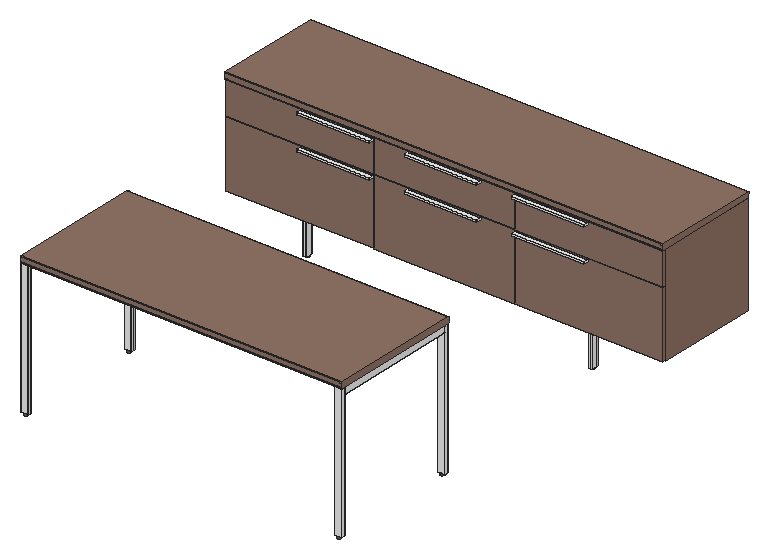
Revit family "FLV013", category Furniture, Revit 2015
Parameters
  Series = "Flux Veneer"
  Manufacturer = "JSI"
  Description = "FLV013"
Reference planes (in)
  plane 1 "Center Front/Back": y = 0
  plane 2: z = 0
  plane 3 "Center Left/Right": x = 0
Dimensions and locks (in)
  aligned and locked: level to plane 2
Nested families (in)
  nested 1: "JSI-Flux-Table_Desk" at (35.93587, -19.75, 0) x (-1, 0, 0) z (0, 0, 1), type "FLV2866TD,Veneer 66x27.5 Table Desk"
    with Modesty Panel no, Width 5' - 6", Depth 2' - 3 1/2"
  nested 2: "JSI-Flux- File_Strg_Crednz_Flsh_Leg" at (30.06413, 48.25, 0), type "FLV2290-29S666, Lt File Crdnz, Int Lg, Veneer"
    with Width 7' - 6", Top Doors yes, R_Shocket Dist 7' - 7", R_Pull Dist 4' - 11.61979", R_Pull yes, R1_Partition yes, Leg Width 4' - 11.85417", L_Socket Dist 7' - 7", Shelf Width 2' - 4.95833", Shelf Array Dist 0' - 0", Partition Dist 2' - 4.95833", L_Pull Dist 2' - 6.38021", L_Pull yes, L2_Partition yes, Glide yes, L909 no, L666 yes, L0 no, Ext_Shelf Width 2' - 5.70833", Door Width 2' - 6.33333", Door Height 1' - 1 9/16", Door Array Dist 4' - 11.41667", Door yes, C_Pull Dist 3' - 9", C_Pull yes, C_Doors yes, # of Shelf 2
Definition of nested family "JSI-Flux-Table_Desk"
  Parameters (values of type "Table Desk - Type Catalog Family")
    Worksurface = none
    Width = 6' - 0"
    URL = "www.jsifurniture.com"
    Type Comments = ""
    Series = "FLUX"  # constant formula
    Modesty Panel [instance] = yes
    Legs = none
    Model = "FLT3472TD"
    Material = ""
    Manufacturer = "JSI"  # constant formula
    Keynote = "12500"
    JSI Enviromental Website = "http://www.jsifurniture.com/jsi_sustainability_intro.php"
    Height = 2' - 5"
    Glides = none
    Support = none
    Description = "Table Desk, Depth 33.5”, Width 72”, Height 29”, Laminate"
    Depth = 2' - 9 1/2"
    Panel = none
    Assembly Code = "E2020200"
  Reference planes (in)
    plane 1: z = 0
    plane 2 "Center (Left/Right)": x = -36.06413
    plane 3: z = 29
    plane 4: z = 27.8125
    plane 5 "Center (Front/Back)": y = 10.75
    plane 6: z = 0.3125
    plane 7: x = -0.06413
    plane 8: x = 35.93587
    plane 9: y = -6
    plane 10: y = -22.75
  Forms (in)
    Sweep 1, solid, material <- "Worksurface"
      path origin (0, 0, 0) x (1, 0, 0) y (0, 1, 0)
        loop
          line (-36.06413, -6) -> (35.93587, -6)
      profile origin (-0.06413, -6, 0) x (0, 1, 0) y (0, 0, 1)
        loop
          line (16.625, 29) -> (-16.625, 29)
          arc (-16.625, 29) -> (-16.71339, 28.96339) -> (-16.75, 28.875) r 0.125
          line (-16.75, 28.875) -> (-16.75, 27.9375)
          arc (-16.75, 27.9375) -> (-16.71339, 27.84911) -> (-16.625, 27.8125) r 0.125
          line (-16.625, 27.8125) -> (16.625, 27.8125)
          arc (16.625, 27.8125) -> (16.71339, 27.84911) -> (16.75, 27.9375) r 0.125
          line (16.75, 27.9375) -> (16.75, 28.875)
          arc (16.75, 28.875) -> (16.71339, 28.96339) -> (16.625, 29) r 0.125
    Sweep 2, solid, material <- "Legs"
      path origin (0, 0, 0) x (1, 0, 0) y (0, 0, 1)
        loop
          line (-35.2498, 0.3125) -> (-35.2498, 27.8125)
      profile origin (-35.2498, 0, 14.0625) x (-1, 0, 0) y (0, -1, 0)
        loop
          line (-0.74817, -9.9375) -> (-0.74817, -10.5625)
          arc (-0.74817, -10.5625) -> (-0.72986, -10.60669) -> (-0.68567, -10.625) r 0.0625
          line (-0.68567, -10.625) -> (0.68933, -10.625)
          arc (0.68933, -10.625) -> (0.73353, -10.60669) -> (0.75183, -10.5625) r 0.0625
          line (0.75183, -10.5625) -> (0.75183, -9.9375)
          arc (0.75183, -9.9375) -> (0.73353, -9.89331) -> (0.68933, -9.875) r 0.0625
          line (0.68933, -9.875) -> (-0.68567, -9.875)
          arc (-0.68567, -9.875) -> (-0.72986, -9.89331) -> (-0.74817, -9.9375) r 0.0625
        loop
          line (-0.68567, 21.875) -> (0.68933, 21.875)
          arc (0.68933, 21.875) -> (0.73353, 21.89331) -> (0.75183, 21.9375) r 0.0625
          line (0.75183, 21.9375) -> (0.75183, 22.5625)
          arc (0.75183, 22.5625) -> (0.73353, 22.60669) -> (0.68933, 22.625) r 0.0625
          line (0.68933, 22.625) -> (-0.68567, 22.625)
          arc (-0.68567, 22.625) -> (-0.72986, 22.60669) -> (-0.74817, 22.5625) r 0.0625
          line (-0.74817, 22.5625) -> (-0.74817, 21.9375)
          arc (-0.74817, 21.9375) -> (-0.72986, 21.89331) -> (-0.68567, 21.875) r 0.0625
        loop
          line (-69.68567, -9.875) -> (-71.06067, -9.875)
          arc (-71.06067, -9.875) -> (-71.10486, -9.89331) -> (-71.12317, -9.9375) r 0.0625
          line (-71.12317, -9.9375) -> (-71.12317, -10.5625)
          arc (-71.12317, -10.5625) -> (-71.10486, -10.60669) -> (-71.06067, -10.625) r 0.0625
          line (-71.06067, -10.625) -> (-69.68567, -10.625)
          arc (-69.68567, -10.625) -> (-69.64147, -10.60669) -> (-69.62317, -10.5625) r 0.0625
          line (-69.62317, -10.5625) -> (-69.62317, -9.9375)
          arc (-69.62317, -9.9375) -> (-69.64147, -9.89331) -> (-69.68567, -9.875) r 0.0625
        loop
          line (-71.06067, 21.875) -> (-69.68567, 21.875)
          arc (-69.68567, 21.875) -> (-69.64147, 21.89331) -> (-69.62317, 21.9375) r 0.0625
          line (-69.62317, 21.9375) -> (-69.62317, 22.5625)
          arc (-69.62317, 22.5625) -> (-69.64147, 22.60669) -> (-69.68567, 22.625) r 0.0625
          line (-69.68567, 22.625) -> (-71.06067, 22.625)
          arc (-71.06067, 22.625) -> (-71.10486, 22.60669) -> (-71.12317, 22.5625) r 0.0625
          line (-71.12317, 22.5625) -> (-71.12317, 21.9375)
          arc (-71.12317, 21.9375) -> (-71.10486, 21.89331) -> (-71.06067, 21.875) r 0.0625
    Sweep 3, solid, material <- "Legs"
      path origin (0, 0, 0) x (1, 0, 0) y (0, 1, 0)
        loop
          line (-35.6724, 9.875) -> (-35.6724, -21.875)
      profile origin (-35.6724, -6, 0) x (1, 0, 0) y (0, 0, 1)
        loop
          line (0.42076, 26.375) -> (0.42076, 27.75)
          arc (0.42076, 27.75) -> (0.40246, 27.79419) -> (0.35826, 27.8125) r 0.0625
          line (0.35826, 27.8125) -> (-0.26674, 27.8125)
          arc (-0.26674, 27.8125) -> (-0.31093, 27.79419) -> (-0.32924, 27.75) r 0.0625
          line (-0.32924, 27.75) -> (-0.32924, 26.375)
          arc (-0.32924, 26.375) -> (-0.31093, 26.33081) -> (-0.26674, 26.3125) r 0.0625
          line (-0.26674, 26.3125) -> (0.35826, 26.3125)
          arc (0.35826, 26.3125) -> (0.40246, 26.33081) -> (0.42076, 26.375) r 0.0625
        loop
          line (70.85826, 26.3125) -> (71.48326, 26.3125)
          arc (71.48326, 26.3125) -> (71.52746, 26.33081) -> (71.54576, 26.375) r 0.0625
          line (71.54576, 26.375) -> (71.54576, 27.75)
          arc (71.54576, 27.75) -> (71.52746, 27.79419) -> (71.48326, 27.8125) r 0.0625
          line (71.48326, 27.8125) -> (70.85826, 27.8125)
          arc (70.85826, 27.8125) -> (70.81407, 27.79419) -> (70.79576, 27.75) r 0.0625
          line (70.79576, 27.75) -> (70.79576, 26.375)
          arc (70.79576, 26.375) -> (70.81407, 26.33081) -> (70.85826, 26.3125) r 0.0625
    Sweep 4, solid, material <- "Glides"
      path origin (0, 0, 0) x (1, 0, 0) y (0, 0, 1)
        loop
          line (-35.25553, 0) -> (-35.25553, 0.3125)
      profile origin (-35.25553, 0, 0.15625) x (-1, 0, 0) y (0, -1, 0)
        loop
          circle (-0.00339, -10.26193) r 0.42257
        loop
          circle (0.00881, 22.27152) r 0.46312
        loop
          circle (-70.37941, -10.26193) r 0.42257
        loop
          circle (-70.3916, 22.27152) r 0.46312
  Lines and regions (in)
    symbolic lines
      curve 1: line (35.93587, 10.75, 0) -> (-36.06413, 10.75, 0)
      curve 2: line (-36.06413, 10.75, 0) -> (-36.06413, -22.75, 0)
      curve 3: line (35.93587, 10.75, 0) -> (35.93587, -22.75, 0)
      curve 4: line (-36.06413, -22.75, 0) -> (35.93587, -22.75, 0)
    symbolic lines, detail levels fine
      curve 5: line (-35.93913, 9.875, 0) -> (-34.56413, 9.875, 0)
      curve 6: arc (-34.56413, 9.875, 0) -> (-34.51994, 9.89331, 0) -> (-34.50163, 9.9375, 0) r 0.0625
      curve 7: line (-34.50163, 9.9375, 0) -> (-34.50163, 10.5625, 0)
      curve 8: arc (-34.50163, 10.5625, 0) -> (-34.51994, 10.60669, 0) -> (-34.56413, 10.625, 0) r 0.0625
      curve 9: line (-34.56413, 10.625, 0) -> (-35.93913, 10.625, 0)
      curve 10: arc (-35.93913, 10.625, 0) -> (-35.98333, 10.60669, 0) -> (-36.00163, 10.5625, 0) r 0.0625
      curve 11: line (-36.00163, 10.5625, 0) -> (-36.00163, 9.9375, 0)
      curve 12: arc (-36.00163, 9.9375, 0) -> (-35.98333, 9.89331, 0) -> (-35.93913, 9.875, 0) r 0.0625
      curve 13: line (-34.56413, -21.875, 0) -> (-35.93913, -21.875, 0)
      curve 14: arc (-35.93913, -21.875, 0) -> (-35.98333, -21.89331, 0) -> (-36.00163, -21.9375, 0) r 0.0625
      curve 15: line (-36.00163, -21.9375, 0) -> (-36.00163, -22.5625, 0)
      curve 16: arc (-36.00163, -22.5625, 0) -> (-35.98333, -22.60669, 0) -> (-35.93913, -22.625, 0) r 0.0625
      curve 17: line (-35.93913, -22.625, 0) -> (-34.56413, -22.625, 0)
      curve 18: arc (-34.56413, -22.625, 0) -> (-34.51994, -22.60669, 0) -> (-34.50163, -22.5625, 0) r 0.0625
      curve 19: line (-34.50163, -22.5625, 0) -> (-34.50163, -21.9375, 0)
      curve 20: arc (-34.50163, -21.9375, 0) -> (-34.51994, -21.89331, 0) -> (-34.56413, -21.875, 0) r 0.0625
      curve 21: line (35.81087, -21.875, 0) -> (34.43587, -21.875, 0)
      curve 22: arc (34.43587, -21.875, 0) -> (34.39167, -21.89331, 0) -> (34.37337, -21.9375, 0) r 0.0625
      curve 23: line (34.37337, -21.9375, 0) -> (34.37337, -22.5625, 0)
      curve 24: arc (34.37337, -22.5625, 0) -> (34.39167, -22.60669, 0) -> (34.43587, -22.625, 0) r 0.0625
      curve 25: line (34.43587, -22.625, 0) -> (35.81087, -22.625, 0)
      curve 26: arc (35.81087, -22.625, 0) -> (35.85506, -22.60669, 0) -> (35.87337, -22.5625, 0) r 0.0625
      curve 27: line (35.87337, -22.5625, 0) -> (35.87337, -21.9375, 0)
      curve 28: arc (35.87337, -21.9375, 0) -> (35.85506, -21.89331, 0) -> (35.81087, -21.875, 0) r 0.0625
      curve 29: line (34.43587, 9.875, 0) -> (35.81087, 9.875, 0)
      curve 30: arc (35.81087, 9.875, 0) -> (35.85506, 9.89331, 0) -> (35.87337, 9.9375, 0) r 0.0625
      curve 31: line (35.87337, 9.9375, 0) -> (35.87337, 10.5625, 0)
      curve 32: arc (35.87337, 10.5625, 0) -> (35.85506, 10.60669, 0) -> (35.81087, 10.625, 0) r 0.0625
      curve 33: line (35.81087, 10.625, 0) -> (34.43587, 10.625, 0)
      curve 34: arc (34.43587, 10.625, 0) -> (34.39167, 10.60669, 0) -> (34.37337, 10.5625, 0) r 0.0625
      curve 35: line (34.37337, 10.5625, 0) -> (34.37337, 9.9375, 0)
      curve 36: arc (34.37337, 9.9375, 0) -> (34.39167, 9.89331, 0) -> (34.43587, 9.875, 0) r 0.0625
      curve 37: arc (35.54645, 10.26193, 0) -> (35.12388, 10.6845, 0) -> (34.7013, 10.26193, 0) r 0.42257
      curve 38: arc (34.7013, 10.26193, 0) -> (35.12388, 9.83936, 0) -> (35.54645, 10.26193, 0) r 0.42257
      curve 39: arc (35.59919, -22.27152, 0) -> (35.13607, -21.8084, 0) -> (34.67295, -22.27152, 0) r 0.46312
      curve 40: arc (34.67295, -22.27152, 0) -> (35.13607, -22.73464, 0) -> (35.59919, -22.27152, 0) r 0.46312
      curve 41: arc (-34.80122, -22.27152, 0) -> (-35.26434, -21.8084, 0) -> (-35.72746, -22.27152, 0) r 0.46312
      curve 42: arc (-35.72746, -22.27152, 0) -> (-35.26434, -22.73464, 0) -> (-34.80122, -22.27152, 0) r 0.46312
      curve 43: arc (-34.82957, 10.26193, 0) -> (-35.25214, 10.6845, 0) -> (-35.67472, 10.26193, 0) r 0.42257
      curve 44: arc (-35.67472, 10.26193, 0) -> (-35.25214, 9.83936, 0) -> (-34.82957, 10.26193, 0) r 0.42257
      curve 45: line (-35.25163, 9.875, 0) -> (-35.25163, -21.875, 0)
      curve 46: line (-36.00163, -21.9375, 0) -> (-36.00163, 9.9375, 0)
      curve 47: line (35.12337, -21.875, 0) -> (35.12337, 9.875, 0)
      curve 48: line (35.87337, 9.9375, 0) -> (35.87337, -21.9375, 0)
  Dimensions and locks (in)
    "Height": plane 3 to level
    locked: plane 3 to plane 4 at 1.1875
    equal spacing: plane 2 "Center (Left/Right)", plane 7, plane 8
    "Width": plane 2 "Center (Left/Right)" to plane 8
    equal spacing: plane 10, plane 9, plane 5 "Center (Front/Back)"
    "Depth": plane 10 to plane 5 "Center (Front/Back)"
    Sweep 2 sketch curve to Sweep 2 sketch curve to plane 8 = 0' - 1 1/2" locked, 0' - 0 1/16" locked  (x2)
    Sweep 2 sketch curve to Sweep 2 sketch curve to plane 10 = 0' - 0 3/4" locked, 0' - 0 1/8" locked  (x2)
    locked: Sweep 3 sketch curve to plane 10 at 0.875
    locked: Sweep 3 sketch curve to plane 5 "Center (Front/Back)" at 0.875
    plane 8 to Sweep 3 sketch curve to Sweep 3 sketch curve = 0' - 0 1/16" locked, 0' - 0 3/4" locked
    locked: Sweep 4 sketch curve to plane 10 at 0.47848  (x2)
    locked: Sweep 4 sketch curve to plane 8 at 0.79979
    locked: Sweep 4 sketch curve to plane 8 at 0.81199
    aligned and locked: level to plane 1
    aligned and locked: plane 8 to Sweep 1 sketch curve
    aligned and locked: plane 2 "Center (Left/Right)" to Sweep 1 sketch curve
    aligned and locked: plane 3 to Sweep 1 sketch curve
    aligned and locked: plane 5 "Center (Front/Back)" to Sweep 1 sketch curve
    aligned and locked: plane 10 to Sweep 1 sketch curve
    aligned and locked: plane 4 to Sweep 1 sketch curve
    aligned and locked: plane 4 to Sweep 2 sketch curve
    aligned and locked: plane 6 to Sweep 2 sketch curve
    aligned and locked: plane 7 to nested 1
    aligned and locked: plane 5 "Center (Front/Back)" to nested 1
  Automatic sketch dimensions
    Sweep 1 sketch curve to plane 9 = 0' - 0"
    plane 2 "Center (Left/Right)" to Sweep 2 sketch curve = 0' - 0.81433"
    Sweep 2 sketch curve to Sweep 2 sketch curve = 0' - 0 1/16"  (x14)
    profile plane to Sweep 2 sketch curve = 0' - 0.74817"  (x2)
    Sweep 2 sketch curve to profile plane = 0' - 0.68933"  (x2)
    Sweep 2 sketch curve to Sweep 2 sketch curve = 0' - 0"  (x2)
    Sweep 2 sketch curve to profile plane = 0' - 9 7/8"  (x2)
    Sweep 2 sketch curve to Sweep 2 sketch curve = 0' - 0 5/8"  (x2)
    plane 2 "Center (Left/Right)" to Sweep 3 sketch curve = 0' - 0.39174"
    Sweep 3 sketch curve to profile plane = 0' - 0.42076"
    Sweep 3 sketch curve to Sweep 3 sketch curve = 0' - 0 1/16"  (x7)
    profile plane to Sweep 3 sketch curve = 0' - 0.26674"  (x2)
    level to Sweep 3 sketch curve = 2' - 2 5/16"  (x2)
    Sweep 3 sketch curve to Sweep 3 sketch curve = 0' - 1 3/8"  (x2)
    Sweep 4 sketch curve to plane 6 = 0' - 0"
    Sweep 4 sketch curve to level = 0' - 0"
    plane 2 "Center (Left/Right)" to Sweep 4 sketch curve = 0' - 0 207/256"
    Sweep 4 sketch curve to profile plane = 0' - 10.26193"  (x2)
    profile plane to Sweep 4 sketch curve = 0' - 0.00339"
    Sweep 4 sketch curve to profile plane = 0' - 0.00881"
    curve 42 to curve 45 = 0' - 0.01271"
    Sweep 1 sketch curve to Sweep 1 sketch curve = 0' - 0 1/8"  (x4)
    curve 1 to plane 2 "Center (Left/Right)" = 0' - 0"
    curve 3 to plane 8 = 0' - 0"
    curve 4 to plane 10 = 0' - 0"
    plane 5 "Center (Front/Back)" to curve 2 = 0' - 0"
    plane 2 "Center (Left/Right)" to curve 46 = 0' - 0 1/16"
    curve 12 to curve 5 = 0' - 0 1/16"
    curve 14 to curve 13 = 0' - 0 1/16"
    curve 16 to curve 17 = 0' - 0 1/16"
    curve 10 to curve 9 = 0' - 0 1/16"
    curve 16 to curve 42 = 0' - 0.67479"
    curve 44 to curve 45 = 0' - 0.00051"
    plane 5 "Center (Front/Back)" to curve 8 = 0' - 0 3/16"
    curve 43 to curve 8 = 0' - 0.68801"
    plane 10 to curve 18 = 0' - 0 3/16"
    curve 41 to curve 18 = 0' - 0.70021"
    curve 20 to curve 18 = 0' - 0"
    curve 5 to curve 8 = 0' - 0"
    curve 6 to curve 7 = 0' - 0 1/16"
    curve 20 to curve 19 = 0' - 0 1/16"
    plane 5 "Center (Front/Back)" to curve 35 = 0' - 0 3/16"
    curve 35 to plane 8 = 0' - 1 9/16"
    curve 23 to plane 8 = 0' - 1 9/16"
    curve 23 to curve 25 = 0' - 0 1/16"
    curve 35 to curve 36 = 0' - 0 1/16"
    curve 35 to curve 34 = 0' - 0 1/16"
    curve 23 to curve 22 = 0' - 0 1/16"
    curve 34 to curve 38 = 0' - 0.68801"
    curve 24 to curve 40 = 0' - 0.70021"
    curve 33 to plane 8 = 0' - 0 1/8"
    curve 21 to plane 8 = 0' - 0 1/8"
    curve 25 to plane 8 = 0' - 0 1/8"
    curve 30 to plane 8 = 0' - 0 1/8"
    curve 27 to plane 8 = 0' - 0 1/16"
    plane 10 to curve 25 = 0' - 0 1/8"
    plane 10 to curve 42 = 0' - 0.47848"
    plane 10 to curve 39 = 0' - 0.47848"
    curve 41 to curve 46 = 0' - 0.33402"
    curve 39 to curve 28 = 0' - 0.33402"
    curve 29 to curve 32 = 0' - 0 11/16"
    curve 45 to curve 44 = 0' - 0.38693"
    curve 47 to curve 38 = 0' - 0.38693"
    plane 2 "Center (Left/Right)" to curve 42 = 0' - 0.33667"
    plane 2 "Center (Left/Right)" to curve 43 = 0' - 0.38942"
    curve 24 to curve 40 = 0' - 0.23708"
    curve 34 to curve 37 = 0' - 0.26544"
    curve 47 to curve 37 = 0' - 0.00051"
    curve 43 to curve 44 = 0' - 0"
    curve 5 to curve 8 = 0' - 0 11/16"
    radius of Sweep 4 sketch curve = 0' - 0.42257"  (x2)
    radius of Sweep 4 sketch curve = 0' - 0.46312"  (x2)
  Nested families (in)
    nested 1: "Mod" at (0, 0, 0), Width <- "Width", Support <- "Support", Panel <- "Panel", Modesty Panel <- "Modesty Panel", type "Mod"
      with Width 6' - 0", Support none, Panel none, Modesty Panel yes
  Definition of nested family "Mod"
    Parameters
      Width [instance] = 7' - 0"
      URL = ""
      Type Comments = ""
      Series = ""
      Modesty Panel [instance] = yes
      Model = ""
      Manufacturer = ""
      Keynote = ""
      Support [instance] = none
      Description = ""
      Panel [instance] = none
      Assembly Code = ""
    Reference planes (in)
      plane 1: z = 0
      plane 2 "Center (Left/Right)": x = -36.06413
      plane 3: z = 29
      plane 4: z = 27.8125
      plane 5 "Center (Front/Back)": y = 10.75
      plane 6: z = 0.3125
      plane 7: x = 5.93587
      plane 8: x = 47.93587
    Forms (in)
      Extrusion 1, solid, material <- "Panel", visible <- "Modesty Panel"
        sketch origin (-36.06413, 7.06592, 48) x (0, 1, 0) y (0, 0, 1)
          loop
            line (-2.31592, -21.688) -> (-3.06592, -21.688) -> (-3.06592, -33.688) -> (-2.31592, -33.688) -> (-2.31592, -21.688)
        from 3 to 81
      Extrusion 2, solid, material <- "Support", visible <- "Modesty Panel"
        sketch origin (0, 0, 0) x (1, 0, 0) y (0, 1, 0)
          loop
            circle (-25.56448, 4.37443) r 0.18835
          loop
            circle (37.43621, 4.37443) r 0.18835
        from 26.312 to 27.6245
      Extrusion 3, solid, material <- "Support", visible <- "Modesty Panel"
        sketch origin (0, 0, 0) x (1, 0, 0) y (0, 1, 0)
          loop
            line (-25.89954, 5.54271) -> (-26.89954, 3.54271)
            arc (-26.89954, 3.54271) -> (-26.88313, 3.17785) -> (-26.56413, 3) r 0.375
            line (-26.56413, 3) -> (-24.56413, 3)
            arc (-24.56413, 3) -> (-24.24514, 3.17785) -> (-24.22872, 3.54271) r 0.375
            line (-24.22872, 3.54271) -> (-25.22872, 5.54271)
            arc (-25.22872, 5.54271) -> (-25.56413, 5.75) -> (-25.89954, 5.54271) r 0.375
          loop
            arc (37.77128, 5.54271) -> (37.43587, 5.75) -> (37.10046, 5.54271) r 0.375
            line (37.10046, 5.54271) -> (36.10046, 3.54271)
            arc (36.10046, 3.54271) -> (36.11687, 3.17785) -> (36.43587, 3) r 0.375
            line (36.43587, 3) -> (38.43587, 3)
            arc (38.43587, 3) -> (38.75486, 3.17785) -> (38.77128, 3.54271) r 0.375
            line (38.77128, 3.54271) -> (37.77128, 5.54271)
        from 27.6245 to 27.8125
    Lines and regions (in)
      symbolic lines, visible <- "Modesty Panel", detail levels fine
        curve 1: line (44.93587, 4.75, 0) -> (-33.06413, 4.75, 0)
        curve 2: line (-33.06413, 4.75, 0) -> (-33.06413, 4, 0)
        curve 3: line (-33.06413, 4, 0) -> (44.93587, 4, 0)
        curve 4: line (44.93587, 4, 0) -> (44.93587, 4.75, 0)
    Dimensions and locks (in)
      plane 3 to level = 2' - 5"
      locked: plane 3 to plane 4 at 1.1875
      equal spacing: plane 2 "Center (Left/Right)", plane 7, plane 8
      "Width": plane 2 "Center (Left/Right)" to plane 8
      plane 4 to Extrusion 1 = 0' - 1.5005"
      locked: plane 2 "Center (Left/Right)" to Extrusion 1 at 3
      locked: Extrusion 1 to plane 8 at 3
      plane 2 "Center (Left/Right)" to Extrusion 3 sketch curve to Extrusion 3 sketch curve to Extrusion 3 sketch curve = 0' - 9 1/2" locked, 0' - 1" locked, 0' - 1" locked
      Extrusion 3 sketch curve to Extrusion 3 sketch curve to Extrusion 3 sketch curve to plane 8 = 0' - 1" locked, 0' - 1" locked, 0' - 9 1/2" locked
      aligned and locked: level to plane 1
      aligned and locked: Extrusion 1 to curve 1  (x2)
      aligned and locked: Extrusion 2 to Extrusion 1
      aligned and locked: plane 4 to Extrusion 3
      aligned and locked: Extrusion 3 to Extrusion 2
    Automatic sketch dimensions
      Extrusion 1 sketch curve to plane 4 = 0' - 1.5005"
      plane 5 "Center (Front/Back)" to Extrusion 1 sketch curve = 0' - 6 3/4"
      Extrusion 1 sketch curve to Extrusion 1 sketch curve = 0' - 0 3/4"
      Extrusion 1 sketch curve to Extrusion 1 sketch curve = 1' - 0"
      plane 5 "Center (Front/Back)" to curve 3 = 0' - 6 3/4"
      curve 2 to curve 2 = 0' - 0 3/4"
      plane 2 "Center (Left/Right)" to Extrusion 2 sketch curve = 0' - 10.49965"
      Extrusion 2 sketch curve to plane 8 = 0' - 10.49965"
      plane 5 "Center (Front/Back)" to Extrusion 2 sketch curve = 0' - 6.37557"  (x2)
      Extrusion 3 sketch curve to Extrusion 3 sketch curve = 0' - 0.33541"  (x7)
      plane 5 "Center (Front/Back)" to Extrusion 3 sketch curve = 0' - 5.20729"  (x3)
      plane 5 "Center (Front/Back)" to Extrusion 3 sketch curve = 0' - 7.20729"  (x2)
      Extrusion 3 sketch curve to Extrusion 3 sketch curve = 0' - 2.16771"  (x2)
      Extrusion 3 sketch curve to Extrusion 3 sketch curve = 0' - 0.16771"  (x4)
      radius of Extrusion 2 sketch curve = 0' - 0.18835"  (x2)
Definition of nested family "JSI-Flux- File_Strg_Crednz_Flsh_Leg"
  Parameters (values of type "Type Catalog - File Strg Crdnz, Fls Lg")
    Worksurface = none
    Width = 8' - 0"
    URL = "www.jsifurniture.com"
    Type Comments = ""
    Top Doors = if(L909, 1 > 2, (if(L090, 1 > 2, (if(L09, 1 > 2, (if(L0, 1 > 2, 2 > 1)))))))  # no
    TAG = if(L666, "BF - BF - BF", (if(L66, (if(L0, "Open", "BF - BF")), (if(L066, "Open - BF - BF", (if(L660, "BF - BF - Open", (if(L06, "Open - BF", (if(L60, "BF - Open", (if(L606, "BF - Open - BF", (if(L060, (if(L0, "Open", "Open - BF - Open")), (if(L909, "1 Door - Open - 1 Door", (if(L090, "Open - 1 Door - Open", (if(L09, (if(L0, "Open", "Open - 1 Door")), "Open")))))))))))))))))))))  # "1 Door - Open - 1 Door"
    R_Shocket Dist = if(L666, Width + 0' 1", (if(L066, Width + 0' 1", (if(L606, ((Width / 2) - 0' 3"), ((Partition Dist / 2) + 0' 0 13/16" - 0' 3"))))))  # 1' - 1.29167"
    R_Pull Dist = if(L66, (Door Width + 0' 0 1/4" + 0' 0 5/64"), (if(L06, (Door Width + 0' 0 1/4" + 0' 0 5/64"), (Door Width + (Width - ((Door Width + 0' 0 1/8") * 2) + 0' 0 13/64")))))  # 5' - 3.61979"
    R_Pull = if(L660, 1 > 2, (if(L60, 1 > 2, (if(L060, 1 > 2, (if(L909, 1 > 2, (if(L090, 1 > 2, (if(L09, 1 > 2, (if(L0, 1 > 2, 2 > 1)))))))))))))  # no
    R2_Partition = if(L660, 1 > 2, (if(L60, 1 > 2, (if(L09, 1 > 2, (if(Width < 3' 4", 1 > 2, 2 > 1)))))))  # yes
    R1_Partition = if(L06, 1 > 2, (if(L606, 1 > 2, (if(L060, 1 > 2, (if(L909, 1 > 2, (if(L090, 1 > 2, (if(Width < 3' 4", 1 > 2, 2 > 1)))))))))))  # no
    Legs = none
    Leg Width = if(Flush Legs, Width, Width - (((Partition Dist / 2) + 0' 0 3/4" + 0' 0 1/16" - 0' 0 7/32") * 2))  # 5' - 3.85417"
    Leg Depth = Depth - 0' 0 7/8" - 0' 0 1/16"  # 1' - 9 1/16"
    L_Socket Dist = if(L666, Width + 0' 1", (if(L660, Width + 0' 1", (if(L606, ((Width / 2) - 0' 3"), ((Partition Dist / 2) + 0' 0 13/16" - 0' 3"))))))  # 1' - 1.29167"
    Shelf Width = if(Width < 3' 6", Partition Dist + 0' 0 3/4", (if(L066, Partition Dist + 0' 0 3/4", (if(L660, Partition Dist + 0' 0 3/4", (if(L06, Partition Dist + 0' 0 3/4", (if(L60, Partition Dist + 0' 0 3/4", Partition Dist)))))))))  # 2' - 6.95833"
    Shelf Dist. = if(L660, ((Partition Dist * 2) + 0' 0 3/4" + 0' 0 13/16"), (if(L60, (Partition Dist + 0' 0 3/4" + 0' 0 13/16"), (if(L606, (Partition Dist + 0' 0 3/4" + 0' 0 13/16"), 0' 0 13/16")))))  # 0' - 0 13/16"
    Shelf Array Dist = if(L060, (if(L0, (if(Width > 3' 0", Shelf Width + 0' 0 3/4", 0' 0")), ((Shelf Width * 2) + 0' 1 1/2"))), (if(L909, Shelf Width + 0' 0 3/4", (if(L090, Shelf Width + 0' 0 3/4", 0' 0")))))  # 2' - 7.70833"
    Partition Dist = if(Width > 6' 6", ((Width - 0' 1 5/8" - 0' 1 1/2") / 3), (if(Width > 3' 0", (((Width - 0' 1 5/8") / 2) - 0' 0 3/4"), (Width - 0' 0 3/4" - 0' 1 5/8"))))  # 2' - 6.95833"
    Shelf = none
    Series = "FLUX"  # constant formula
    Pull Finish = none
    Model = ""
    Manufacturer = "JSI"  # constant formula
    L_Pull Dist = Door Width + 0' 0 1/8" - 0' 0 5/64"  # 2' - 8.38021"
    L_Pull = if(L066, 1 > 2, (if(L06, 1 > 2, (if(L060, 1 > 2, (if(L909, 1 > 2, (if(L090, 1 > 2, (if(L09, 1 > 2, (if(L0, 1 > 2, 2 > 1)))))))))))))  # no
    L2_Partition = if(L60, 1 > 2, (if(L606, 1 > 2, (if(L060, 1 > 2, (if(L909, 1 > 2, (if(L090, 1 > 2, (if(L09, 1 > 2, (if(Width < 3' 4", 1 > 2, 2 > 1)))))))))))))  # no
    L1_Partition = if(L066, 1 > 2, (if(L06, 1 > 2, (if(Width < 3' 4", 1 > 2, 2 > 1)))))  # yes
    Keynote = "12500"
    JSI Enviromental Website = "http://www.jsifurniture.com/jsi_sustainability_intro.php"
    Height = 2' - 5"
    Glides = none
    Glide = if(L0, 1 > 2, 2 > 1)  # no
    Flush Legs = no
    L909 = yes
    L666 = no
    L660 = no
    L66 = no
    L606 = no
    L60 = no
    L090 = no
    L09 = no
    L066 = no
    L060 = no
    L06 = no
    L0 = yes
    Ext_Shelf Width = Shelf Width + 0' 0 3/4"  # 2' - 7.70833"
    Ext_Shelf = if(L09, 2 > 1, (if(L60, 2 > 1, 1 > 2)))  # no
    Door Width = if(L09, Partition Dist + 0' 1 3/8" + 0' 0 3/4", Partition Dist + 0' 1 3/8")  # 2' - 8.33333"
    Door Height = if(L909, (Height - 0' 1 5/16" - 0' 0 7/16" - 0' 6 7/8"), (if(L090, (Height - 0' 1 5/16" - 0' 0 7/16" - 0' 6 7/8"), if(L09, (Height - 0' 1 5/16" - 0' 0 7/16" - 0' 6 7/8"), ((Height - 0' 1 5/16" - 0' 0 7/16" - 0' 0 1/8") / 2)))))  # 1' - 8 3/8"
    Door Dist = if(L066, ((Partition Dist * 2) + 0' 1 5/8"), (if(L06, (Partition Dist + 0' 1 5/8"), (if(L060, (Partition Dist + 0' 0 7/8"), (if(L090, (Partition Dist + 0' 0 7/8"), (if(L09, (Partition Dist + 0' 0 7/8"), 0' 0 1/8")))))))))  # 0' - 0 1/8"
    Door Array Dist = if(L606, (Door Width + Partition Dist + 0' 0 1/8"), (if(L909, (Door Width + Partition Dist + 0' 0 1/8"), (if(L666, (Door Width + Partition Dist + 0' 0 1/8"), (if(L66, (Door Width + 0' 0 1/8"), 0' 0")))))))  # 5' - 3.41667"
    Door = if(L0, 1 > 2, 2 > 1)  # no
    C_Pull Dist = if(L066, Door Width + 0' 0 1/8" + 0' 7 55/128" + 0' 0 13/64", (if(L660, (Door Width + (Width - ((Door Width + 0' 0 1/8") * 2) - 0' 0 5/64" - 0' 7 55/128")), Width / 2)))  # 4' - 0"
    C_Pull = if(L666, 2 > 1, (if(L066, 2 > 1, (if(L660, 2 > 1, (if(L060, (if(L0, 1 > 2, 2 > 1)), 1 > 2)))))))  # no
    C_Doors = if(L666, 2 > 1, (if(L066, 2 > 1, (if(L660, 2 > 1, 1 > 2)))))  # no
    Back Panel = none
    Door Front = none
    Description = ""
    Depth = 1' - 10"
    Chassis = none
    Assembly Code = "E2020200"
    # of Shelf = if(L909, 3, (if(L090, 3, (if(L0, (if(Width > 6' 6", 3, 2)), 2)))))  # 3
    # of Doors = 2
  Reference planes (in)
    plane 1: z = 0
    plane 2 "Center (Left/Right)": x = -36.06413
    plane 3 "Center (Front/Back)": y = 10.75
    plane 4: x = 59.93587
    plane 5: x = -36.00163
    plane 6: y = 10.6875
    plane 7: x = 59.87337
    plane 8: x = 11.93587
    plane 9: y = 10.625
    plane 10: y = -11.25
    plane 11: y = -11.125
    plane 12: y = -10.375
    plane 13: y = 9.875
    plane 14: y = 8.6875
    plane 15: y = 6.5
    plane 16: y = 6
    plane 17: y = 5.875
    plane 18: y = -6.375
    plane 19: y = -8.125
    plane 20: z = 7.1875
    plane 21: z = 8.375
    plane 22: z = 9.125
    plane 23: z = 29
    plane 24: z = 27.8125
    plane 25: z = 27.0625
    plane 26: z = 25.0625
    plane 27: z = 15.375
    plane 28: z = 20.875
    plane 29: z = 20.125
    plane 30: x = -4.2933
    plane 31: x = 28.16503
    plane 32: x = -3.5433
    plane 33: x = 27.41503
    plane 34: x = -35.25163
    plane 35: x = 59.12337
    plane 36: x = 9.93587
    plane 37: x = 13.93587
    plane 38: y = 8.4375
    plane 39: z = 17.875
    plane 40: x = -22.77247
    plane 41: x = -16.77247
    plane 42: x = 8.93587
    plane 43: x = 14.93587
    plane 44: y = 9.375
    plane 45: y = 6.875
    plane 46: z = 27.6875
    plane 47: z = 7.3125
    plane 48: z = 20.875
    plane 49: z = 21
    plane 50: x = -35.93913
    plane 51: x = 59.81087
    plane 52: x = -2.7933
    plane 53: x = 26.66503
    plane 54: x = -3.6058
    plane 55: x = -3.4808
    plane 56: x = 27.35253
    plane 57: x = 27.47753
    plane 58: x = -3.25163
    plane 59: x = 27.7067
    plane 60: x = -21.77247
    plane 61: x = -17.77247
    plane 62: x = 40.6442
    plane 63: x = 46.6442
    plane 64: x = 41.6442
    plane 65: x = 45.6442
    plane 66: x = -34.93913
    plane 67: x = 58.12337
    plane 68: y = -9.375
    plane 69: z = 27.48438
    plane 70: z = 20.67188
    plane 71: x = -3.68393
    plane 72: x = 11.93587
    plane 73: x = 27.55566
    plane 74: x = 11.93587
    plane 75: y = 0.15625
    plane 76: x = 11.93587
  Forms (in)
    Extrusion 1, solid, material <- "Chassis"
      sketch origin (0, 0, 0) x (1, 0, 0) y (0, 1, 0)
        loop
          line (-36.00163, 10.6875) -> (-36.00163, -10.375) -> (-35.25163, -10.375) -> (-35.25163, 10.6875) -> (-36.00163, 10.6875)
      from 7.1875 to 27.8125
    Extrusion 2, solid, material <- "Chassis"
      sketch origin (0, 0, 0) x (1, 0, 0) y (0, 1, 0)
        loop
          line (59.12337, 10.6875) -> (59.12337, -10.375) -> (59.87337, -10.375) -> (59.87337, 10.6875) -> (59.12337, 10.6875)
      from 7.1875 to 27.8125
    Extrusion 3, solid, material <- "Worksurface"
      sketch origin (0, 0, 0) x (0, 1, 0) y (0, 0, 1)
        loop
          line (6, 27.0625) -> (6, 27.8125) -> (-10.375, 27.8125) -> (-10.375, 27.0625) -> (6, 27.0625)
      from -35.25163 to 59.12337
    Extrusion 4, solid, material <- "Chassis"
      sketch origin (0, 0, 0) x (0, 1, 0) y (0, 0, 1)
        loop
          line (9.875, 9.125) -> (-10.375, 9.125) -> (-10.375, 8.375) -> (9.875, 8.375) -> (9.875, 9.125)
      from -35.25163 to 59.12337
    Extrusion 5, solid, material <- "Chassis", visible <- "L1_Partition"
      sketch origin (0, 0, 0) x (0, 1, 0) y (0, 0, 1)
        loop
          line (6.5, 27.0625) -> (-10.375, 27.0625) -> (-10.375, 9.125) -> (9.875, 9.125) -> (9.875, 25.0625) -> (7, 25.0625)
          arc (7, 25.0625) -> (6.64645, 25.20895) -> (6.5, 25.5625) r 0.5
          line (6.5, 25.5625) -> (6.5, 27.0625)
      from -4.2933 to -3.5433
    Extrusion 6, solid, material <- "Chassis", visible <- "R2_Partition"
      sketch origin (0, 0, 0) x (0, 1, 0) y (0, 0, 1)
        loop
          line (6.5, 27.0625) -> (-10.375, 27.0625) -> (-10.375, 9.125) -> (9.875, 9.125) -> (9.875, 25.0625) -> (7, 25.0625)
          arc (7, 25.0625) -> (6.64645, 25.20895) -> (6.5, 25.5625) r 0.5
          line (6.5, 25.5625) -> (6.5, 27.0625)
      from 27.41503 to 28.16503
    Extrusion 7, solid, material <- "Back Panel"
      sketch origin (0, 0, 0) x (0, 1, 0) y (0, 0, 1)
        loop
          line (8.6875, 27.8125) -> (8.6875, 25.0625) -> (9.875, 25.0625) -> (9.875, 27.8125) -> (8.6875, 27.8125)
      from -35.25163 to 59.12337
    Extrusion 8, solid, material <- "Chassis"
      sketch origin (0, 0, 0) x (0, 1, 0) y (0, 0, 1)
        loop
          line (9.875, 8.375) -> (5.875, 8.375) -> (5.875, 7.1875) -> (9.875, 7.1875) -> (9.875, 8.375)
      from -35.25163 to 59.12337
    Extrusion 9, solid, material <- "Chassis"
      sketch origin (0, 0, 0) x (0, 1, 0) y (0, 0, 1)
        loop
          line (-6.375, 8.375) -> (-10.375, 8.375) -> (-10.375, 7.1875) -> (-6.375, 7.1875) -> (-6.375, 8.375)
      from -35.25163 to 59.12337
    Extrusion 10, solid, material <- "Shelf"
      sketch origin (-32, 0, 5.84375) x (1, 0, 0) y (0, 1, 0)
        loop
          line (27.7067, -8.125) -> (27.7067, 9.875) -> (-3.25163, 9.875) -> (-3.25163, -8.125) -> (27.7067, -8.125)
      from 14.28125 to 15.03125
    Extrusion 11, solid, material <- "Back Panel"
      sketch origin (0, 0, 0) x (1, 0, 0) y (0, 1, 0)
        loop
          line (59.12337, 10.625) -> (-35.25163, 10.625) -> (-35.25163, 9.875) -> (59.12337, 9.875) -> (59.12337, 10.625)
      from 7.1875 to 27.8125
    Extrusion 12, solid, material <- "Chassis", visible <- "L2_Partition"
      sketch origin (0, 0, 0) x (0, 1, 0) y (0, 0, 1)
        loop
          line (6.5, 27.0625) -> (-10.375, 27.0625) -> (-10.375, 9.125) -> (9.875, 9.125) -> (9.875, 25.0625) -> (7, 25.0625)
          arc (7, 25.0625) -> (6.64645, 25.20895) -> (6.5, 25.5625) r 0.5
          line (6.5, 25.5625) -> (6.5, 27.0625)
      from -3.5433 to -2.7933
    Extrusion 13, solid, material <- "Chassis", visible <- "R1_Partition"
      sketch origin (0, 0, 0) x (0, 1, 0) y (0, 0, 1)
        loop
          line (6.5, 27.0625) -> (-10.375, 27.0625) -> (-10.375, 9.125) -> (9.875, 9.125) -> (9.875, 25.0625) -> (7, 25.0625)
          arc (7, 25.0625) -> (6.64645, 25.20895) -> (6.5, 25.5625) r 0.5
          line (6.5, 25.5625) -> (6.5, 27.0625)
      from 26.66503 to 27.41503
    Extrusion 14, void
      sketch origin (-1.5, 0, 0) x (1, 0, 0) y (0, 0, 1)
        loop
          line (-21.27247, 16.875) -> (-21.27247, 16.375)
          arc (-21.27247, 16.375) -> (-20.97957, 15.66789) -> (-20.27247, 15.375) r 1
          line (-20.27247, 15.375) -> (-16.27247, 15.375)
          arc (-16.27247, 15.375) -> (-15.56536, 15.66789) -> (-15.27247, 16.375) r 1
          line (-15.27247, 16.375) -> (-15.27247, 16.875)
          arc (-15.27247, 16.875) -> (-15.56536, 17.58211) -> (-16.27247, 17.875) r 1
          line (-16.27247, 17.875) -> (-20.27247, 17.875)
          arc (-20.27247, 17.875) -> (-20.97957, 17.58211) -> (-21.27247, 16.875) r 1
      from -10.75 to -9.875
    Extrusion 15, solid, material <- "Shelf"
      sketch origin (-0.29167, 0, 5.84375) x (1, 0, 0) y (0, 1, 0)
        loop
          line (27.7067, -8.125) -> (27.7067, 9.875) -> (-3.25163, 9.875) -> (-3.25163, -8.125) -> (27.7067, -8.125)
      from 14.28125 to 15.03125
    Extrusion 16, void
      sketch origin (0, 0, 0) x (1, 0, 0) y (0, 1, 0)
        loop
          line (-17.77247, 10.75) -> (-21.77247, 10.75) -> (-21.77247, 9.875)
          arc (-21.77247, 9.875) -> (-21.62602, 9.52145) -> (-21.27247, 9.375) r 0.5
          line (-21.27247, 9.375) -> (-18.27247, 9.375)
          arc (-18.27247, 9.375) -> (-17.91891, 9.52145) -> (-17.77247, 9.875) r 0.5
          line (-17.77247, 9.875) -> (-17.77247, 10.75)
      from 20.125 to 20.875
    Extrusion 17, void
      sketch origin (18, 0, 0) x (1, 0, 0) y (0, 1, 0)
        loop
          line (27.6442, 10.75) -> (23.6442, 10.75) -> (23.6442, 9.875)
          arc (23.6442, 9.875) -> (23.79065, 9.52145) -> (24.1442, 9.375) r 0.5
          line (24.1442, 9.375) -> (27.1442, 9.375)
          arc (27.1442, 9.375) -> (27.49775, 9.52145) -> (27.6442, 9.875) r 0.5
          line (27.6442, 9.875) -> (27.6442, 10.75)
      from 20.125 to 20.875
    Extrusion 18, void
      sketch origin (0, 0, 0) x (1, 0, 0) y (0, 0, 1)
        loop
          arc (41.6442, 17.875) -> (40.93709, 17.58211) -> (40.6442, 16.875) r 1
          line (40.6442, 16.875) -> (40.6442, 16.375)
          arc (40.6442, 16.375) -> (40.93709, 15.66789) -> (41.6442, 15.375) r 1
          line (41.6442, 15.375) -> (45.6442, 15.375)
          arc (45.6442, 15.375) -> (46.35131, 15.66789) -> (46.6442, 16.375) r 1
          line (46.6442, 16.375) -> (46.6442, 16.875)
          arc (46.6442, 16.875) -> (46.35131, 17.58211) -> (45.6442, 17.875) r 1
          line (45.6442, 17.875) -> (41.6442, 17.875)
      from -10.75 to -9.875
    Extrusion 19, solid, material <- "Door Front", visible <- "C_Doors"
      sketch origin (0, 0, 0) x (1, 0, 0) y (0, 1, 0)
        loop
          line (-3.4808, -10.375) -> (-3.4808, -11.125) -> (27.35253, -11.125) -> (27.35253, -10.375) -> (-3.4808, -10.375)
      from 7.3125 to 20.875
    Extrusion 20, solid, material <- "Door Front", visible <- "C_Doors"
      sketch origin (0, 0, 0) x (1, 0, 0) y (0, 1, 0)
        loop
          line (-3.4808, -10.375) -> (-3.4808, -11.125) -> (27.35253, -11.125) -> (27.35253, -10.375) -> (-3.4808, -10.375)
      from 21 to 27.6875
    Extrusion 21, solid, material <- "Door Front", visible <- "Door"
      sketch origin (0, 0, 13.6875) x (1, 0, 0) y (0, 0, 1)
        loop
          line (-35.93913, 14) -> (-35.93913, -6.375) -> (-3.6058, -6.375) -> (-3.6058, 14) -> (-35.93913, 14)
      from 10.375 to 11.125
    Extrusion 22, solid, material <- "Door Front", visible <- "Top Doors"
      sketch origin (0, 0, 0) x (1, 0, 0) y (0, 0, 1)
        loop
          line (-35.93913, 27.6875) -> (-35.93913, 21) -> (-3.6058, 21) -> (-3.6058, 27.6875) -> (-35.93913, 27.6875)
      from 10.375 to 11.125
    Extrusion 23, solid, material <- "Door Front", visible <- "Door"
      sketch origin (63.41667, 0, 13.6875) x (1, 0, 0) y (0, 0, 1)
        loop
          line (-35.93913, 14) -> (-35.93913, -6.375) -> (-3.6058, -6.375) -> (-3.6058, 14) -> (-35.93913, 14)
      from 10.375 to 11.125
    Extrusion 24, solid, material <- "Door Front", visible <- "Top Doors"
      sketch origin (63.41667, 0, 0) x (1, 0, 0) y (0, 0, 1)
        loop
          line (-35.93913, 27.6875) -> (-35.93913, 21) -> (-3.6058, 21) -> (-3.6058, 27.6875) -> (-35.93913, 27.6875)
      from 10.375 to 11.125
    Extrusion 25, solid, material <- "Worksurface"
      sketch origin (0, 0, 0) x (0, 1, 0) y (0, 0, 1)
        loop
          line (10.75, 29) -> (-11.125, 29)
          arc (-11.125, 29) -> (-11.21339, 28.96339) -> (-11.25, 28.875) r 0.125
          line (-11.25, 28.875) -> (-11.25, 27.9375)
          arc (-11.25, 27.9375) -> (-11.21339, 27.84911) -> (-11.125, 27.8125) r 0.125
          line (-11.125, 27.8125) -> (10.75, 27.8125) -> (10.75, 29)
      from -36.06413 to 59.93587
    Extrusion 26, solid, material <- "Shelf"
      sketch origin (31.41667, 0, 5.84375) x (1, 0, 0) y (0, 1, 0)
        loop
          line (27.7067, -8.125) -> (27.7067, 9.875) -> (-3.25163, 9.875) -> (-3.25163, -8.125) -> (27.7067, -8.125)
      from 14.28125 to 15.03125
    Extrusion 27, solid, material <- "Shelf", visible <- "Ext_Shelf"
      sketch origin (0, 0, 0) x (1, 0, 0) y (0, 1, 0)
        loop
          line (59.12337, 9.875) -> (27.41503, 9.875) -> (27.41503, -8.125) -> (59.12337, -8.125) -> (59.12337, 9.875)
      from 20.125 to 20.875
  Cuts and joins
    Extrusion 14, Extrusion 18 cuts Extrusion 11
    Extrusion 16, Extrusion 17 cuts Extrusion 10
    Extrusion 16, Extrusion 17 cuts Extrusion 15
  Lines and regions (in)
    symbolic lines
      curve 1: line (59.93587, 10.75, 0) -> (-36.06413, 10.75, 0)
      curve 2: line (-36.06413, 10.75, 0) -> (-36.06413, -11.25, 0)
      curve 3: line (59.93587, -11.25, 0) -> (-36.06413, -11.25, 0)
      curve 4: line (59.93587, 10.75, 0) -> (59.93587, -11.25, 0)
    symbolic lines, detail levels medium+fine
      curve 5: line (-36.00163, 10.6875, 0) -> (-36.00163, -10.375, 0)
      curve 6: line (-35.25163, 10.6875, 0) -> (-36.00163, 10.6875, 0)
      curve 7: line (-35.25163, 10.6875, 0) -> (-35.25163, -10.375, 0)
      curve 8: line (-35.25163, -10.375, 0) -> (-36.00163, -10.375, 0)
      curve 9: line (59.12337, 10.6875, 0) -> (59.12337, -11.125, 0)
      curve 10: line (59.87337, 10.6875, 0) -> (59.87337, -11.125, 0)
      curve 11: line (59.87337, 10.6875, 0) -> (59.12337, 10.6875, 0)
      curve 12: line (59.87337, -11.125, 0) -> (59.12337, -11.125, 0)
      curve 13: line (59.12337, 10.625, 0) -> (-35.25163, 10.625, 0)
      curve 14: line (59.12337, 9.875, 0) -> (-35.25163, 9.875, 0)
    symbolic lines, visible <- "L1_Partition", detail levels medium+fine
      curve 15: line (-4.2933, 9.875, 0) -> (-4.2933, -10.375, 0)
      curve 16: line (-3.5433, 9.875, 0) -> (-3.5433, -10.375, 0)
      curve 17: line (-3.5433, 9.875, 0) -> (-4.2933, 9.875, 0)
      curve 18: line (-3.5433, -10.375, 0) -> (-4.2933, -10.375, 0)
    symbolic lines, visible <- "L2_Partition", detail levels medium+fine
      curve 19: line (-3.5433, 9.875, 0) -> (-3.5433, -10.375, 0)
      curve 20: line (-2.7933, 9.875, 0) -> (-2.7933, -10.375, 0)
      curve 21: line (-2.7933, 9.875, 0) -> (-3.5433, 9.875, 0)
      curve 22: line (-2.7933, -10.375, 0) -> (-3.5433, -10.375, 0)
    symbolic lines, visible <- "R1_Partition", detail levels medium+fine
      curve 23: line (26.66503, 9.875, 0) -> (26.66503, -10.375, 0)
      curve 24: line (27.41503, 9.875, 0) -> (27.41503, -10.375, 0)
      curve 25: line (27.41503, 9.875, 0) -> (26.66503, 9.875, 0)
      curve 26: line (27.41503, -10.375, 0) -> (26.66503, -10.375, 0)
    symbolic lines, visible <- "R2_Partition", detail levels medium+fine
      curve 27: line (27.41503, 9.875, 0) -> (27.41503, -10.375, 0)
      curve 28: line (28.16503, 9.875, 0) -> (28.16503, -10.375, 0)
      curve 29: line (28.16503, -10.375, 0) -> (27.41503, -10.375, 0)
      curve 30: line (28.16503, 9.875, 0) -> (27.41503, 9.875, 0)
  Dimensions and locks (in)
    plane 2 "Center (Left/Right)" to plane 5 to plane 50 = 0' - 0 1/16" locked, 0' - 0 1/16" locked
    plane 51 to plane 7 to plane 4 = 0' - 0 1/16" locked, 0' - 0 1/16" locked
    "Width": plane 2 "Center (Left/Right)" to plane 4
    equal spacing: plane 2 "Center (Left/Right)", plane 8, plane 4
    plane 14 to plane 13 to plane 9 to plane 6 to plane 3 "Center (Front/Back)" = 0' - 1 3/16" locked, 0' - 0 3/4" locked, 0' - 0 1/16" locked, 0' - 0 1/16" locked
    "Depth": plane 10 to plane 3 "Center (Front/Back)"
    plane 10 to plane 11 to plane 12 = 0' - 0 1/8" locked, 0' - 0 3/4" locked
    plane 16 to plane 15 to plane 13 = 0' - 0 1/2" locked, 0' - 3 3/8" locked
    locked: plane 17 to plane 13 at 4
    locked: plane 12 to plane 18 at 4
    locked: plane 12 to plane 19 at 2.25
    "Height": plane 23 to plane 1
    locked: plane 23 to plane 24 at 1.1875
    locked: plane 20 to plane 1 at 7.1875
    plane 24 to plane 25 to plane 26 = 0' - 0 3/4" locked, 0' - 2" locked
    locked: plane 22 to plane 21 at 0.75
    locked: plane 28 to plane 29 at 0.75
    plane 30 to plane 32 to plane 52 = 0' - 0 3/4" locked, 0' - 0 3/4" locked
    plane 53 to plane 33 to plane 31 = 0' - 0 3/4" locked, 0' - 0 3/4" locked
    locked: plane 5 to plane 34 at 0.75
    locked: plane 35 to plane 7 at 0.75
    locked: plane 36 to plane 37 at 4
    equal spacing: plane 36, plane 8, plane 37
    locked: plane 38 to plane 13 at 1.4375
    locked: plane 39 to plane 27 at 2.5
    locked: plane 40 to plane 41 at 6
    locked: plane 42 to plane 43 at 6
    equal spacing: plane 42, plane 8, plane 43
    plane 45 to plane 44 to plane 13 = 0' - 2 1/2" locked, 0' - 0 1/2" locked
    locked: plane 47 to plane 20 at 0.125
    locked: plane 24 to plane 46 at 0.125
    locked: plane 48 to plane 47 at 13.5625
    plane 46 to plane 49 = 0' - 6 11/16"
    plane 54 to plane 32 to plane 55 = 0' - 0 1/16" locked, 0' - 0 1/16" locked
    plane 56 to plane 33 to plane 57 = 0' - 0 1/16" locked, 0' - 0 1/16" locked
    "Partition Dist": plane 34 to plane 30
    "Partition Dist": plane 31 to plane 35
    Extrusion 14 sketch curve to Extrusion 14 sketch curve = 0' - 6"
    "Shelf Width": plane 58 to plane 59
    equal spacing: group 1, group 2, group 7  (x3)
    "Shelf Array Dist": Extrusion 10 to Extrusion 15
    "Shelf Dist.": plane 2 "Center (Left/Right)" to Extrusion 10
    locked: plane 40 to plane 60 at 1
    locked: plane 61 to plane 41 at 1
    locked: plane 62 to plane 63 at 6
    locked: plane 62 to plane 64 at 1
    locked: plane 65 to plane 63 at 1
    "L_Socket Dist": plane 2 "Center (Left/Right)" to plane 40
    "R_Shocket Dist": plane 63 to plane 4
    "Shelf Width": Extrusion 10 sketch curve to Extrusion 10 sketch curve
    "Shelf Width": Extrusion 15 sketch curve to Extrusion 15 sketch curve
    "Door Height": Extrusion 21 sketch curve to Extrusion 21 sketch curve
    "Door Width": Extrusion 21 sketch curve to Extrusion 21 sketch curve
    "Door Width": Extrusion 22 sketch curve to Extrusion 22 sketch curve
    "Door Height": Extrusion 23 sketch curve to Extrusion 23 sketch curve
    "Door Width": Extrusion 23 sketch curve to Extrusion 23 sketch curve
    group 3 to group 4 = 5' - 3.41667"
    group 3 to group 4 = 0' - 0"  (x2)
    "Door Array Dist": Extrusion 21 to Extrusion 23
    "Door Dist": Extrusion 21 to plane 2 "Center (Left/Right)"
    "Door Width": Extrusion 24 sketch curve to Extrusion 24 sketch curve
    group 5 to group 6 = 5' - 3.41667"
    group 5 to group 6 = 0' - 0"  (x2)
    "Door Array Dist": Extrusion 22 to Extrusion 24
    "Door Dist": Extrusion 22 to plane 2 "Center (Left/Right)"
    locked: plane 50 to plane 66 at 1
    locked: plane 67 to plane 35 at 1
    locked: plane 12 to plane 68 at 1
    locked: plane 48 to plane 70 at 0.20312
    locked: plane 46 to plane 69 at 0.20313
    "L_Pull Dist": plane 2 "Center (Left/Right)" to plane 71
    "C_Pull Dist": plane 2 "Center (Left/Right)" to plane 72
    "R_Pull Dist": plane 2 "Center (Left/Right)" to plane 73
    equal spacing: plane 2 "Center (Left/Right)", plane 74, plane 4
    equal spacing: plane 12, plane 75, plane 6
    equal spacing: plane 2 "Center (Left/Right)", plane 76, plane 4
    locked: plane 21 to plane 20 at 1.1875
    locked: plane 27 to plane 22 at 6.25
    "Shelf Width": Extrusion 26 sketch curve to Extrusion 26 sketch curve
    "Ext_Shelf Width": Extrusion 27 sketch curve to Extrusion 27 sketch curve
    aligned and locked: level to plane 1
    aligned and locked: Extrusion 1 sketch curve to plane 5
    aligned and locked: Extrusion 1 sketch curve to plane 6
    aligned and locked: Extrusion 1 sketch curve to plane 34
    aligned and locked: Extrusion 1 sketch curve to plane 12
    aligned and locked: Extrusion 2 sketch curve to plane 35
    aligned and locked: Extrusion 2 sketch curve to plane 7
    aligned and locked: Extrusion 2 sketch curve to plane 6
    aligned and locked: Extrusion 2 sketch curve to plane 12
    aligned and locked: plane 24 to Extrusion 1
    aligned and locked: Extrusion 1 to plane 20
    aligned and locked: plane 24 to Extrusion 2
    aligned and locked: Extrusion 2 to plane 20
    aligned and locked: plane 25 to Extrusion 3 sketch curve
    aligned and locked: plane 24 to Extrusion 3 sketch curve
    aligned and locked: plane 16 to Extrusion 3 sketch curve
    aligned and locked: plane 12 to Extrusion 3 sketch curve
    aligned and locked: Extrusion 3 to plane 34
    aligned and locked: plane 35 to Extrusion 3
    aligned and locked: plane 22 to Extrusion 4 sketch curve
    aligned and locked: plane 21 to Extrusion 4 sketch curve
    aligned and locked: plane 13 to Extrusion 4 sketch curve
    aligned and locked: plane 12 to Extrusion 4 sketch curve
    aligned and locked: Extrusion 4 to plane 34
    aligned and locked: plane 35 to Extrusion 4
    aligned and locked: plane 25 to Extrusion 5 sketch curve
    aligned and locked: plane 15 to Extrusion 5 sketch curve
    aligned and locked: plane 26 to Extrusion 5 sketch curve
    aligned and locked: plane 13 to Extrusion 5 sketch curve
    aligned and locked: plane 22 to Extrusion 5 sketch curve
    aligned and locked: plane 12 to Extrusion 5 sketch curve
    aligned and locked: Extrusion 5 to plane 30
    aligned and locked: plane 32 to Extrusion 5
    aligned and locked: plane 25 to Extrusion 6 sketch curve
    aligned and locked: plane 12 to Extrusion 6 sketch curve
    aligned and locked: plane 15 to Extrusion 6 sketch curve
    aligned and locked: plane 26 to Extrusion 6 sketch curve
    aligned and locked: plane 13 to Extrusion 6 sketch curve
    aligned and locked: plane 22 to Extrusion 6 sketch curve
    aligned and locked: plane 31 to Extrusion 6
    aligned and locked: Extrusion 6 to plane 33
    aligned and locked: plane 14 to Extrusion 7 sketch curve
    aligned and locked: plane 13 to Extrusion 7 sketch curve
    aligned and locked: plane 24 to Extrusion 7 sketch curve
    aligned and locked: plane 26 to Extrusion 7 sketch curve
    aligned and locked: Extrusion 7 to plane 34
    aligned and locked: plane 35 to Extrusion 7
    aligned and locked: plane 13 to Extrusion 8 sketch curve
    aligned and locked: plane 17 to Extrusion 8 sketch curve
    aligned and locked: plane 20 to Extrusion 8 sketch curve
    aligned and locked: plane 21 to Extrusion 8 sketch curve
    aligned and locked: plane 18 to Extrusion 9 sketch curve
    aligned and locked: plane 12 to Extrusion 9 sketch curve
    aligned and locked: plane 21 to Extrusion 9 sketch curve
    aligned and locked: plane 20 to Extrusion 9 sketch curve
    aligned and locked: Extrusion 8 to plane 34
    aligned and locked: Extrusion 9 to plane 34
    aligned and locked: plane 35 to Extrusion 8
    aligned and locked: plane 35 to Extrusion 9
    aligned and locked: plane 28 to Extrusion 10
    aligned and locked: Extrusion 11 sketch curve to plane 9
    aligned and locked: Extrusion 11 sketch curve to plane 13
    aligned and locked: Extrusion 11 sketch curve to plane 34
    aligned and locked: Extrusion 11 sketch curve to plane 35
    aligned and locked: Extrusion 11 to plane 20
    aligned and locked: plane 24 to Extrusion 11
    aligned and locked: plane 25 to Extrusion 12 sketch curve
    aligned and locked: plane 12 to Extrusion 12 sketch curve
    aligned and locked: plane 13 to Extrusion 12 sketch curve
    aligned and locked: plane 22 to Extrusion 12 sketch curve
    aligned and locked: plane 15 to Extrusion 12 sketch curve
    aligned and locked: plane 26 to Extrusion 12 sketch curve
    aligned and locked: Extrusion 12 to plane 32
    aligned and locked: plane 52 to Extrusion 12
    aligned and locked: plane 25 to Extrusion 13 sketch curve
    aligned and locked: plane 12 to Extrusion 13 sketch curve
    aligned and locked: plane 13 to Extrusion 13 sketch curve
    aligned and locked: plane 22 to Extrusion 13 sketch curve
    aligned and locked: plane 15 to Extrusion 13 sketch curve
    aligned and locked: plane 26 to Extrusion 13 sketch curve
    aligned and locked: plane 33 to Extrusion 13
    aligned and locked: Extrusion 13 to plane 53
    aligned and locked: Extrusion 14 to plane 3 "Center (Front/Back)"
    aligned and locked: plane 13 to Extrusion 14
    aligned and locked: cut or joined group of Extrusion 11, Extrusion 14, Extrusion 18 to plane 40
    aligned and locked: plane 41 to cut or joined group of Extrusion 11, Extrusion 14, Extrusion 18
    aligned and locked: Extrusion 16 sketch curve to plane 3 "Center (Front/Back)"
    aligned and locked: Extrusion 16 sketch curve to plane 44
    aligned and locked: Extrusion 16 sketch curve to plane 60
    aligned and locked: Extrusion 16 sketch curve to plane 61
    aligned and locked: plane 28 to Extrusion 16
    aligned and locked: Extrusion 16 to plane 29
    aligned and locked: Extrusion 17 sketch curve to plane 64
    aligned and locked: Extrusion 17 sketch curve to plane 65
    aligned and locked: Extrusion 17 sketch curve to plane 3 "Center (Front/Back)"
    aligned and locked: Extrusion 17 sketch curve to plane 44
    aligned and locked: Extrusion 18 sketch curve to plane 39
    aligned and locked: Extrusion 18 sketch curve to plane 27
    aligned and locked: Extrusion 18 sketch curve to plane 62
    aligned and locked: Extrusion 18 sketch curve to plane 63
    aligned and locked: Extrusion 18 to plane 3 "Center (Front/Back)"
    aligned and locked: plane 13 to Extrusion 18
    aligned and locked: Extrusion 19 sketch curve to plane 55
    aligned and locked: Extrusion 19 sketch curve to plane 56
    aligned and locked: Extrusion 19 sketch curve to plane 12
    aligned and locked: Extrusion 19 sketch curve to plane 11
    aligned and locked: Extrusion 20 sketch curve to plane 55
    aligned and locked: Extrusion 20 sketch curve to plane 56
    aligned and locked: Extrusion 20 sketch curve to plane 12
    aligned and locked: Extrusion 20 sketch curve to plane 11
    aligned and locked: plane 46 to Extrusion 20
    aligned and locked: Extrusion 19 to plane 47
    aligned and locked: Extrusion 22 to plane 12
    aligned and locked: Extrusion 21 to plane 12
    aligned and locked: plane 11 to Extrusion 22
    aligned and locked: plane 11 to Extrusion 21
    aligned and locked: plane 46 to Extrusion 22
    aligned and locked: plane 46 to Extrusion 24
    aligned and locked: Extrusion 21 to plane 47  (x2)
    aligned and locked: plane 3 "Center (Front/Back)" to Extrusion 25 sketch curve
    aligned and locked: plane 23 to Extrusion 25 sketch curve
    aligned and locked: plane 24 to Extrusion 25 sketch curve
    aligned and locked: plane 10 to Extrusion 25 sketch curve
    aligned and locked: Extrusion 25 to plane 2 "Center (Left/Right)"
    aligned and locked: plane 4 to Extrusion 25
    aligned and locked: curve 1 to plane 3 "Center (Front/Back)"
    aligned and locked: curve 2 to plane 2 "Center (Left/Right)"
    aligned and locked: curve 3 to plane 10
    aligned and locked: curve 4 to plane 4
    aligned and locked: plane 69 to nested 1
    aligned and locked: plane 71 to nested 1
    aligned and locked: plane 70 to nested 2
    aligned and locked: plane 71 to nested 2
    aligned and locked: plane 72 to nested 3
    aligned and locked: plane 72 to nested 4
    aligned and locked: plane 70 to nested 4
    aligned and locked: plane 69 to nested 3
    aligned and locked: nested 5 to plane 73
    aligned and locked: nested 6 to plane 73
    aligned and locked: plane 70 to nested 6
    aligned and locked: plane 69 to nested 5
    aligned and locked: plane 11 to nested 1
    aligned and locked: plane 11 to nested 3
    aligned and locked: plane 11 to nested 5
    aligned and locked: plane 11 to nested 2
    aligned and locked: plane 11 to nested 4
    aligned and locked: plane 11 to nested 6
    aligned and locked: plane 10 to nested 7
    aligned and locked: plane 74 to nested 7
    aligned and locked: curve 5 to plane 5
    aligned and locked: curve 6 to plane 6
    aligned and locked: curve 7 to plane 34
    aligned and locked: curve 8 to plane 12
    aligned and locked: curve 9 to plane 35
    aligned and locked: curve 10 to plane 7
    aligned and locked: curve 11 to plane 6
    aligned and locked: curve 12 to plane 11
    aligned and locked: plane 34 to curve 13
    aligned and locked: plane 35 to curve 13
    aligned and locked: plane 35 to curve 14
    aligned and locked: curve 15 to plane 30
    aligned and locked: curve 16 to plane 32
    aligned and locked: curve 17 to plane 13
    aligned and locked: curve 18 to plane 12
    aligned and locked: curve 20 to plane 52
    aligned and locked: curve 21 to plane 13
    aligned and locked: curve 22 to plane 12
    aligned and locked: curve 23 to plane 53
    aligned and locked: curve 25 to plane 13
    aligned and locked: curve 26 to plane 12
    aligned and locked: curve 27 to plane 33
    aligned and locked: curve 28 to plane 31
    aligned and locked: curve 29 to plane 12
    aligned and locked: curve 30 to plane 13
    aligned and locked: Extrusion 20 to plane 49
    aligned and locked: plane 48 to Extrusion 19
    aligned and locked: Extrusion 23 to plane 47
    aligned and locked: nested 8 to plane 75
    aligned and locked: plane 76 to nested 8
    aligned and locked: plane 20 to nested 8
    aligned and locked: nested 8 to plane 1
    aligned and locked: plane 28 to Extrusion 15
    aligned and locked: Extrusion 15 to plane 29
    aligned and locked: plane 28 to plane 48
    aligned and locked: plane 28 to Extrusion 17
    aligned and locked: Extrusion 17 to plane 29
    aligned and locked: Extrusion 27 sketch curve to plane 13
    aligned and locked: Extrusion 27 sketch curve to plane 35
    aligned and locked: Extrusion 27 sketch curve to plane 19
    aligned and locked: plane 48 to Extrusion 27
    aligned and locked: Extrusion 27 to plane 29
  Automatic sketch dimensions
    Extrusion 5 sketch curve to plane 45 = 0' - 0 1/8"
    Extrusion 6 sketch curve to plane 45 = 0' - 0 1/8"
    Extrusion 12 sketch curve to plane 45 = 0' - 0 1/8"
    Extrusion 13 sketch curve to plane 45 = 0' - 0 1/8"
    plane 13 to Extrusion 16 sketch curve = 0' - 0"  (x2)
    plane 13 to Extrusion 17 sketch curve = 0' - 0"  (x2)
    Extrusion 18 sketch curve to plane 64 = 0' - 0"  (x2)
    Extrusion 18 sketch curve to plane 65 = 0' - 0"  (x2)
    Extrusion 14 sketch curve to plane 40 = 0' - 0"
    Extrusion 14 sketch curve to plane 27 = 0' - 0"
    Extrusion 14 sketch curve to plane 60 = 0' - 0"  (x2)
    Extrusion 14 sketch curve to plane 39 = 0' - 0"
    Extrusion 14 sketch curve to plane 61 = 0' - 0"  (x2)
    Extrusion 10 sketch curve to Extrusion 10 sketch curve = 1' - 6"
    Extrusion 15 sketch curve to Extrusion 15 sketch curve = 1' - 6"
    Extrusion 25 sketch curve to plane 11 = 0' - 0"  (x2)
    plane 13 to curve 14 = 0' - 0"
